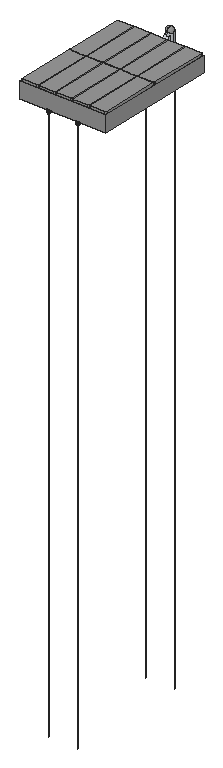
Revit family "62172", category Lighting Fixtures, host Face, Revit 2018
Family settings
  Host = Face
  Round Connector Dimension = Use Diameter
  Part Type = Normal
  OmniClass Number = 23.80.70.00
  OmniClass Title = Lighting
  Cut with Voids When Loaded = No
  Light Source = Yes
  Shared = No
  Room Calculation Point = No
Parameters (values of type "0062172 KUBIXX 4000K 47KLM AISLE  SSA N")
  Weight = "n/a"
  Wattage Comments = ""
  Wattage = 9.2903 W
  WarrantyStartDate [instance] = "n/a"
  WarrantyGuarantorParts = "n/a"
  WarrantyDurationUnit = "n/a"
  WarrantyDurationParts = ""
  WarrantyDescription = "http://www.sylvania-lighting.com"
  built-in parameter 1150110 = 1 (stored number, unit not read)
  Voltage = 0 V
  URL = "0"
  TypeName = "KubiXx 4000K 47KLM AISLE  SSA N"
  Type Image = <None>
  Type Comments = "n/a"
  Total length = 760.213 mm
  built-in parameter 1114217 = 1 (stored number, unit not read)
  Total Length = 731.899 mm
  Tilt Angle = -90.00°
  built-in parameter 1150109 = 1 (stored number, unit not read)
  built-in parameter 1150134 = 3
  Suspension height = 3000 mm
  built-in parameter 1150113 = 1 (stored number, unit not read)
  SerialNumber [instance] = "n/a"
  Photometric Web File = "0062172.IES"
  Material_3_SYL = none
  PowerFactor = 0
  PowerConsumption = "Lighting"
  NominalLength = 460 mm
  NominalHeight = 94 mm
  NominalDepth = 650 mm
  Name = "KubiXx 4000K 47KLM AISLE  SSA N"
  ModelReference = Name  # "KubiXx 4000K 47KLM AISLE  SSA N"
  ModelNumber = "0062172"
  Model = Name  # "KubiXx 4000K 47KLM AISLE  SSA N"
  Material = "Feilo Sylvania"
  ManufacturerName = "175 lm/W"
  Manufacturer = ""
  LuminousEfficacy = ""
  built-in parameter 1150105 = 109.82 (stored number, unit not read)
  Lumens = 1380 lm
  LuminaireType = "0"
  built-in parameter 1150115 = 1 (stored number, unit not read)
  LightOutputRatio = "LED"
  built-in parameter 1150137 = (empty or 0)
  built-in parameter 1150139 = (empty or 0)
  LampsType = Lamp  # "n/a"
  LampNominalLuminous = "4000 K"
  LampMacAdamStep = "80"
  LampColourTemperature = "LED"
  LampColourRenderingIndex = "16500"
  built-in parameter 1150112 = 1 (stored number, unit not read)
  built-in parameter 1150114 = 1 (stored number, unit not read)
  Lamp = "n/a"
  Keynote = "n/a"
  InstallationDate [instance] = "n/a"
  InputVoltage = "0"
  InputNominalFrequency = "4000"
  built-in parameter 1150132 = (empty or 0)
  built-in parameter 1150102 = (empty or 0)
  built-in parameter 1150107 = 3200 (stored number, unit not read)
  built-in parameter 1150138 = (empty or 0)
  IngressProtection = "IfcLightFixtureType"
  ImpactProtectionIndex = "IfcLightFixtureType"
  built-in parameter 1150106 = 1.0982 (stored number, unit not read)
  IfcExportType = "IfcLightFixtureType"
  IfcExportAs = "Class I"
  Emit from Circle Diameter = 609.6 mm
  Emit Shape Visible in Rendering = no
  ElectricShockClassification = "175"
  built-in parameter 1150104 = 13.8 (stored number, unit not read)
  DocumentationLiterature = "http://www.sylvania-lighting.com/product/en-int/products/0062172"
  DimmingControlOptions = "n/a"
  Material_2_SYL = none
  Dimming Lamp Color Temperature Shift = <None>
  Description = "Logistics and Industry high bay luminaire with wide optics to provide homogenous light distribution for open space areas. 48300lumens, 276W, 175lm/W, 4000K, CRI80, wide beam optic, SylSmart SSA dimmable, 3 step MacAdam ellipse, grey finish (RAL7012), Class 1, 220-240V, IP65, IK06."
  Default Elevation = 1219.2 mm
  CreatedOn = "09/11/2023"
  CreatedBy = "@sylvania-lighting.com"
  Cost = 0
  Color Filter = 16777215
  built-in parameter 1114216 [instance] = (empty or 0)
  ClassificationValue = "EF_70_80"
  ClassificationName = "Uniclass2015"
  Material_1_SYL = none
  BarCode [instance] = "n/a"
  built-in parameter 1114218 = 1 (stored number, unit not read)
  built-in parameter 1150133 = 10 (stored number, unit not read)
  AssetType = "Fixed"
  AssetIdentifier [instance] = "n/a"
  Assembly Code = "D5020200"
  Apparent Load = 276 VA
  Material_4_SYL = none
Reference planes
  plane 1 "Center (Front/Back)": y = 0
  plane 2: z = 0
  plane 3 "Center (Left/Right)": x = 0
  plane 4: x = -230
  plane 5: x = 230
  plane 6: y = 325
  plane 7: y = -325
  plane 8: x = -180.6
  plane 9: y = 160
  plane 10: y = -160
  plane 11: x = -93.6
  plane 12: x = -89.2
  plane 13: x = -2.2
  plane 14: x = 2.2
  plane 15: x = 89.2
  plane 16: x = 93.6
  plane 17: x = 180.6
  plane 18: x = 77.2
  plane 19: x = -77.2
  plane 20: x = -87.2
  plane 21: x = -67.2
  plane 22: z = -18
  plane 23: y = 162
  plane 24: z = -8
  plane 25: y = -162
  plane 26: z = 3094
  plane 27: z = 3094
  plane 28: y = 163.5
  plane 29: z = 3000
  plane 30: z = 2982
  plane 31: x = -225.6
  plane 32: x = 225.6
  plane 33: x = 138.6
  plane 34: x = -138.6
  plane 35: x = 134.2
  plane 36: x = -134.2
  plane 37: x = 47.2
  plane 38: x = -47.2
  plane 39: x = 42.795
  plane 40: x = -42.778
  plane 41: y = 320.6
  plane 42: y = -320.6
  plane 43: y = 321
  plane 44: y = 1
  plane 45: y = -1
  plane 46: y = 406.899
Forms (mm)
  Extrusion 1, solid, material "Aluminum", detail levels medium+fine
    sketch origin (0, 0, 0) x (1, 0, 0) y (0, 1, 0)
      loop
        line (-230, 325) -> (-230, -325) -> (230, -325) -> (230, 325) -> (-230, 325)
    from 3000 to 3083
  Extrusion 2, solid, material "Acetal Resin, White", detail levels medium+fine
    sketch origin (0, 160.6, 0) x (1, 0, 0) y (0, 1, 0)
      loop
        arc (-220.65, 160) -> (-224.185, 158.536) -> (-225.65, 155) r 5
        line (-225.65, 155) -> (-225.65, -154.6)
        arc (-225.65, -154.6) -> (-224.185, -158.136) -> (-220.65, -159.6) r 5
        line (-220.65, -159.6) -> (-143.629, -159.6)
        arc (-143.629, -159.6) -> (-140.094, -158.136) -> (-138.629, -154.6) r 5
        line (-138.629, -154.6) -> (-138.629, 155)
        arc (-138.629, 155) -> (-140.094, 158.536) -> (-143.629, 160) r 5
        line (-143.629, 160) -> (-220.65, 160)
    from 3083 to 3094
  Extrusion 3, solid, material "Acetal Resin, White", detail levels medium+fine
    sketch origin (91.4, 160.6, 0) x (1, 0, 0) y (0, 1, 0)
      loop
        arc (-220.89, 160) -> (-224.425, 158.536) -> (-225.89, 155) r 5
        line (-225.89, 155) -> (-225.89, -154.6)
        arc (-225.89, -154.6) -> (-224.425, -158.136) -> (-220.89, -159.6) r 5
        line (-220.89, -159.6) -> (-143.578, -159.6)
        arc (-143.578, -159.6) -> (-140.042, -158.136) -> (-138.578, -154.6) r 5
        line (-138.578, -154.6) -> (-138.578, 155)
        arc (-138.578, 155) -> (-140.042, 158.536) -> (-143.578, 160) r 5
        line (-143.578, 160) -> (-220.89, 160)
    from 3083 to 3094
  Extrusion 4, solid, material "Acetal Resin, White", detail levels medium+fine
    sketch origin (182.8, 160.6, 0) x (1, 0, 0) y (0, 1, 0)
      loop
        arc (-130.605, 160) -> (-134.141, 158.536) -> (-135.605, 155) r 5
        line (-135.605, 155) -> (-135.605, -154.6)
        arc (-135.605, -154.6) -> (-134.141, -158.136) -> (-130.605, -159.6) r 5
        line (-130.605, -159.6) -> (-53.412, -159.6)
        arc (-53.412, -159.6) -> (-49.876, -158.136) -> (-48.412, -154.6) r 5
        line (-48.412, -154.6) -> (-48.412, 155)
        arc (-48.412, 155) -> (-49.876, 158.536) -> (-53.412, 160) r 5
        line (-53.412, 160) -> (-130.605, 160)
    from 3083 to 3094
  Extrusion 5, solid, material "Acetal Resin, White", detail levels medium+fine
    sketch origin (274.2, 160.6, 0) x (1, 0, 0) y (0, 1, 0)
      loop
        arc (-130.583, 160) -> (-134.119, 158.536) -> (-135.583, 155) r 5
        line (-135.583, 155) -> (-135.583, -154.6)
        arc (-135.583, -154.6) -> (-134.119, -158.136) -> (-130.583, -159.6) r 5
        line (-130.583, -159.6) -> (-53.71, -159.6)
        arc (-53.71, -159.6) -> (-50.175, -158.136) -> (-48.71, -154.6) r 5
        line (-48.71, -154.6) -> (-48.71, 155)
        arc (-48.71, 155) -> (-50.175, 158.536) -> (-53.71, 160) r 5
        line (-53.71, 160) -> (-130.583, 160)
    from 3083 to 3094
  Extrusion 6, solid, material "Aluminum", detail levels fine
    sketch origin (0, 0, 2992) x (1, 0, 0) y (0, 0, 1)
      loop
        line (-87.2, 8) -> (-87.2, 0)
        arc (-87.2, 0) -> (-84.271, -7.071) -> (-77.2, -10) r 10
        arc (-77.2, -10) -> (-70.129, -7.071) -> (-67.2, 0) r 10
        line (-67.2, 0) -> (-67.2, 8) -> (-87.2, 8)
    from -325 to -322
  Extrusion 7, void
    sketch origin (0.086, 0, 2990.692) x (1, 0, 0) y (0, 0, 1)
      loop
        circle (-77.2, 0) r 3
    from -350.589 to 380.147
  Extrusion 8, solid, material "Aluminum", detail levels fine
    sketch origin (154.4, 0, 2992) x (1, 0, 0) y (0, 0, 1)
      loop
        line (-87.2, 8) -> (-87.2, 0)
        arc (-87.2, 0) -> (-84.271, -7.071) -> (-77.2, -10) r 10
        arc (-77.2, -10) -> (-70.129, -7.071) -> (-67.2, 0) r 10
        line (-67.2, 0) -> (-67.2, 8) -> (-87.2, 8)
    from -325 to -322
  Extrusion 9, void
    sketch origin (154.475, 0, 2991.254) x (1, 0, 0) y (0, 0, 1)
      loop
        circle (-77.2, 0) r 3
    from -394.188 to 347.516
  Extrusion 10, solid, material "Aluminum", detail levels fine
    sketch origin (0, 0, 2992) x (1, 0, 0) y (0, 0, 1)
      loop
        line (-87.2, 8) -> (-87.2, 0)
        arc (-87.2, 0) -> (-84.271, -7.071) -> (-77.2, -10) r 10
        arc (-77.2, -10) -> (-70.129, -7.071) -> (-67.2, 0) r 10
        line (-67.2, 0) -> (-67.2, 8) -> (-87.2, 8)
    from 325 to 322
  Extrusion 11, solid, material "Aluminum", detail levels fine
    sketch origin (153.445, 0, 2992) x (1, 0, 0) y (0, 0, 1)
      loop
        line (-86.235, 8) -> (-86.235, 0.111)
        arc (-86.235, 0.111) -> (-83.306, -6.96) -> (-76.235, -9.889) r 10
        arc (-76.235, -9.889) -> (-69.163, -6.96) -> (-66.235, 0.111) r 10
        line (-66.235, 0.111) -> (-66.235, 8) -> (-86.235, 8)
    from 325 to 322
  Extrusion 12, solid, material "Stainless Steel"
    sketch origin (-0.029, 159.919, 0) x (1, 0, 0) y (0, 1, 0)
      loop
        circle (-77.2, 163.5) r 1
    from 0 to 3000
  Extrusion 13, solid, material "Stainless Steel"
    sketch origin (154.4, 159.993, 0) x (1, 0, 0) y (0, 1, 0)
      loop
        circle (-77.2, 163.5) r 1
    from 0 to 3000
  Extrusion 14, solid, material "Stainless Steel"
    sketch origin (0, -327, 0) x (1, 0, 0) y (0, 1, 0)
      loop
        circle (-77.2, 3.5) r 1
    from 0 to 3000
  Extrusion 15, solid, material "Stainless Steel"
    sketch origin (154.386, -327.05, 0) x (1, 0, 0) y (0, 1, 0)
      loop
        circle (-77.2, 3.5) r 1
    from 0 to 3000
  Extrusion 16, solid, detail levels coarse
    sketch origin (0, 0, 0) x (1, 0, 0) y (0, 0, 1)
      loop
        line (-230, 3094) -> (-230, 0) -> (230, 0) -> (230, 3094) -> (-230, 3094)
    from -406.899 to 325
  Extrusion 17, solid, material "Acetal Resin, White", detail levels medium+fine
    sketch origin (181.395, 160.6, 0) x (1, 0, 0) y (0, 1, 0)
      loop
        arc (-219.21, 160) -> (-222.746, 158.536) -> (-224.21, 155) r 5
        line (-224.21, 155) -> (-224.21, -154.6)
        arc (-224.21, -154.6) -> (-222.746, -158.136) -> (-219.21, -159.6) r 5
        line (-219.21, -159.6) -> (-143.578, -159.6)
        arc (-143.578, -159.6) -> (-140.042, -158.136) -> (-138.578, -154.6) r 5
        line (-138.578, -154.6) -> (-138.578, 155)
        arc (-138.578, 155) -> (-140.042, 158.536) -> (-143.578, 160) r 5
        line (-143.578, 160) -> (-219.21, 160)
    from 3083 to 3094
  Extrusion 18, solid, material "Acetal Resin, White", detail levels medium+fine
    sketch origin (0, -160.6, 0) x (1, 0, 0) y (0, 1, 0)
      loop
        arc (-220.65, 159.6) -> (-224.185, 158.136) -> (-225.65, 154.6) r 5
        line (-225.65, 154.6) -> (-225.65, -155)
        arc (-225.65, -155) -> (-224.185, -158.536) -> (-220.65, -160) r 5
        line (-220.65, -160) -> (-143.629, -160)
        arc (-143.629, -160) -> (-140.094, -158.536) -> (-138.629, -155) r 5
        line (-138.629, -155) -> (-138.629, 154.6)
        arc (-138.629, 154.6) -> (-140.094, 158.136) -> (-143.629, 159.6) r 5
        line (-143.629, 159.6) -> (-220.65, 159.6)
    from 3083 to 3094
  Extrusion 19, solid, material "Acetal Resin, White", detail levels medium+fine
    sketch origin (91.4, -160.6, 0) x (1, 0, 0) y (0, 1, 0)
      loop
        arc (-220.89, 159.6) -> (-224.425, 158.136) -> (-225.89, 154.6) r 5
        line (-225.89, 154.6) -> (-225.89, -155)
        arc (-225.89, -155) -> (-224.425, -158.536) -> (-220.89, -160) r 5
        line (-220.89, -160) -> (-143.578, -160)
        arc (-143.578, -160) -> (-140.042, -158.536) -> (-138.578, -155) r 5
        line (-138.578, -155) -> (-138.578, 154.6)
        arc (-138.578, 154.6) -> (-140.042, 158.136) -> (-143.578, 159.6) r 5
        line (-143.578, 159.6) -> (-220.89, 159.6)
    from 3083 to 3094
  Extrusion 20, solid, material "Acetal Resin, White", detail levels medium+fine
    sketch origin (182.8, -160.6, 0) x (1, 0, 0) y (0, 1, 0)
      loop
        arc (-130.605, 159.6) -> (-134.141, 158.136) -> (-135.605, 154.6) r 5
        line (-135.605, 154.6) -> (-135.605, -155)
        arc (-135.605, -155) -> (-134.141, -158.536) -> (-130.605, -160) r 5
        line (-130.605, -160) -> (-53.412, -160)
        arc (-53.412, -160) -> (-49.876, -158.536) -> (-48.412, -155) r 5
        line (-48.412, -155) -> (-48.412, 154.6)
        arc (-48.412, 154.6) -> (-49.876, 158.136) -> (-53.412, 159.6) r 5
        line (-53.412, 159.6) -> (-130.605, 159.6)
    from 3083 to 3094
  Extrusion 21, solid, material "Acetal Resin, White", detail levels medium+fine
    sketch origin (274.2, -160.6, 0) x (1, 0, 0) y (0, 1, 0)
      loop
        arc (-130.583, 159.6) -> (-134.119, 158.136) -> (-135.583, 154.6) r 5
        line (-135.583, 154.6) -> (-135.583, -155)
        arc (-135.583, -155) -> (-134.119, -158.536) -> (-130.583, -160) r 5
        line (-130.583, -160) -> (-53.71, -160)
        arc (-53.71, -160) -> (-50.175, -158.536) -> (-48.71, -155) r 5
        line (-48.71, -155) -> (-48.71, 154.6)
        arc (-48.71, 154.6) -> (-50.175, 158.136) -> (-53.71, 159.6) r 5
        line (-53.71, 159.6) -> (-130.583, 159.6)
    from 3083 to 3094
  Extrusion 22, solid, material "Acetal Resin, White", detail levels medium+fine
    sketch origin (181.395, -160.6, 0) x (1, 0, 0) y (0, 1, 0)
      loop
        arc (-219.21, 159.6) -> (-222.746, 158.136) -> (-224.21, 154.6) r 5
        line (-224.21, 154.6) -> (-224.21, -155)
        arc (-224.21, -155) -> (-222.746, -158.536) -> (-219.21, -160) r 5
        line (-219.21, -160) -> (-143.578, -160)
        arc (-143.578, -160) -> (-140.042, -158.536) -> (-138.578, -155) r 5
        line (-138.578, -155) -> (-138.578, 154.6)
        arc (-138.578, 154.6) -> (-140.042, 158.136) -> (-143.578, 159.6) r 5
        line (-143.578, 159.6) -> (-219.21, 159.6)
    from 3083 to 3094
  Blend 23, solid
    base sketch origin (0, 159.8, -0.419) x (1, 0, 0) y (0, 1, 0)
      loop
        circle (0, 228) r 19
    top sketch origin (0, 159.8, -0.419) x (1, 0, 0) y (0, 1, 0)
      loop
        circle (0, 228) r 19
    from 3039 to 3094
  Revolve 24, solid, material "Acetal Resin, White"
    sketch origin (-0.021, 1683.8, 1218.818) x (0, 1, 0) y (0, 0, 1)
      loop
        line (-1296, 1874.8) -> (-1277, 1874.8)
        arc (-1277, 1874.8) -> (-1282.5, 1888.6) -> (-1296, 1894.8) r 20
        line (-1296, 1894.8) -> (-1296, 1874.8)
      axis (-1296, 1894.8) -> (-1296, 1874.8)
    angle from 179.389 to 539.028
  Extrusion 25, solid
    sketch origin (0, 159.8, -0.419) x (1, 0, 0) y (0, 1, 0)
      loop
        line (-13.5, 214.609) -> (-13.5, 165) -> (13.5, 165) -> (13.5, 214.609) -> (-13.5, 214.609)
    from 3039 to 3083
  Extrusion 26, void
    sketch origin (319, 1683.8, 1218.781) x (0, 1, 0) y (0, 0, 1)
      loop
        line (-1309.391, 1863.8) -> (-1359, 1863.8) -> (-1359, 1843.8) -> (-1333.226, 1843.8) -> (-1309.391, 1863.8)
    from -343.775 to -294
  Blend 27, solid, not visible
    base sketch origin (0, 0, 0) x (1, 0, 0) y (0, 1, 0)
      loop
        circle (0, 228) r 19
    top sketch origin (0, 0, 0) x (1, 0, 0) y (0, 1, 0)
      loop
        circle (0, 228) r 19
    from 3039 to 3094
  Revolve 28, solid, material "Acetal Resin, White", not visible
    sketch origin (-0.021, 1524, 1219.237) x (0, 1, 0) y (0, 0, 1)
      loop
        line (-1296, 1874.8) -> (-1277, 1874.8)
        arc (-1277, 1874.8) -> (-1282.5, 1888.6) -> (-1296, 1894.8) r 20
        line (-1296, 1894.8) -> (-1296, 1874.8)
      axis (-1296, 1894.8) -> (-1296, 1874.8)
    angle from 179.389 to 539.028
  Extrusion 29, solid, not visible
    sketch origin (0, 0, 0) x (1, 0, 0) y (0, 1, 0)
      loop
        line (-13.5, 214.609) -> (-13.5, 165) -> (13.5, 165) -> (13.5, 214.609) -> (-13.5, 214.609)
    from 3039 to 3083
  Extrusion 30, void, not visible
    sketch origin (319, 1524, 1219.2) x (0, 1, 0) y (0, 0, 1)
      loop
        line (-1309.391, 1863.8) -> (-1359, 1863.8) -> (-1359, 1843.8) -> (-1333.226, 1843.8) -> (-1309.391, 1863.8)
    from -343.775 to -294
Cuts and joins
  Extrusion 7 cuts Extrusion 6
  Extrusion 7 cuts Extrusion 10
  Extrusion 9 cuts Extrusion 8
  Extrusion 9 cuts Extrusion 11
  Extrusion 26 cuts Extrusion 25
Dimensions and locks
  "NominalLength": plane 4 to plane 5
  equal spacing: plane 4, plane 3 "Center (Left/Right)", plane 5
  "NominalDepth": plane 6 to plane 7
  equal spacing: plane 6, plane 1 "Center (Front/Back)", plane 7
  Extrusion 4 to plane 3 "Center (Left/Right)" = 47.195 mm
  plane 3 "Center (Left/Right)" to Extrusion 3 = 134.49 mm
  "Suspension height": level to plane 29
  plane 27 to plane 26 = 0 mm
  "NominalHeight": plane 29 to plane 27
  plane 15 to Extrusion 8 = 22 mm
  "Total Length": plane 46 to plane 7
  aligned and locked: plane 2 to host face
  aligned and locked: level to host face
Automatic sketch dimensions
  host sketch curve to host sketch curve = 2438.4 mm  (x2)
  Extrusion 1 sketch curve to plane 4 = 0 mm
  Extrusion 1 sketch curve to plane 5 = 0 mm
  Extrusion 1 sketch curve to plane 7 = 0 mm
  Extrusion 1 sketch curve to plane 6 = 0 mm
  Extrusion 2 sketch curve to plane 41 = 0 mm
  Extrusion 2 sketch curve to plane 31 = 0.05 mm
  Extrusion 2 sketch curve to plane 1 "Center (Front/Back)" = 1 mm
  plane 31 to Extrusion 2 sketch curve = 4.95 mm  (x2)
  plane 34 to Extrusion 2 sketch curve = 5.029 mm  (x2)
  plane 34 to Extrusion 2 sketch curve = 0.029 mm
  Extrusion 3 sketch curve to plane 41 = 0 mm
  plane 36 to Extrusion 3 sketch curve = 0.29 mm
  Extrusion 3 sketch curve to plane 1 "Center (Front/Back)" = 1 mm
  Extrusion 3 sketch curve to plane 36 = 4.71 mm  (x2)
  plane 38 to Extrusion 3 sketch curve = 4.978 mm  (x2)
  Extrusion 3 sketch curve to plane 38 = 0.022 mm
  Extrusion 4 sketch curve to plane 41 = 0 mm
  plane 37 to Extrusion 4 sketch curve = 0.005 mm
  Extrusion 4 sketch curve to plane 1 "Center (Front/Back)" = 1 mm
  Extrusion 4 sketch curve to plane 37 = 4.995 mm  (x2)
  plane 35 to Extrusion 4 sketch curve = 4.812 mm  (x2)
  Extrusion 4 sketch curve to plane 35 = 0.188 mm
  Extrusion 5 sketch curve to plane 41 = 0 mm
  Extrusion 5 sketch curve to plane 33 = 0.017 mm
  Extrusion 5 sketch curve to plane 1 "Center (Front/Back)" = 1 mm
  Extrusion 5 sketch curve to plane 33 = 5.017 mm  (x2)
  Extrusion 5 sketch curve to plane 32 = 5.11 mm  (x2)
  Extrusion 5 sketch curve to plane 32 = 0.11 mm
  Extrusion 6 sketch curve to Extrusion 6 sketch curve = 0 mm  (x2)
  Extrusion 6 sketch curve to plane 20 = 0 mm
  Extrusion 6 sketch curve to plane 19 = 0 mm
  Extrusion 6 sketch curve to plane 30 = 0 mm
  Extrusion 6 sketch curve to plane 29 = 0 mm
  plane 19 to Extrusion 7 sketch curve = 0.086 mm
  plane 30 to Extrusion 7 sketch curve = 8.692 mm
  Extrusion 8 sketch curve to Extrusion 8 sketch curve = 0 mm  (x2)
  Extrusion 8 sketch curve to plane 29 = 0 mm
  Extrusion 8 sketch curve to plane 18 = 0 mm
  Extrusion 8 sketch curve to plane 30 = 0 mm
  Extrusion 8 sketch curve to plane 18 = 10 mm
  plane 18 to Extrusion 9 sketch curve = 0.075 mm
  Extrusion 9 sketch curve to plane 29 = 8.746 mm
  Extrusion 10 sketch curve to Extrusion 10 sketch curve = 0 mm  (x2)
  Extrusion 10 sketch curve to plane 20 = 0 mm
  Extrusion 10 sketch curve to plane 19 = 0 mm
  Extrusion 10 sketch curve to plane 30 = 0 mm
  Extrusion 10 sketch curve to plane 29 = 0 mm
  Extrusion 11 sketch curve to Extrusion 11 sketch curve = 0 mm  (x2)
  Extrusion 11 sketch curve to plane 29 = 0 mm
  Extrusion 11 sketch curve to plane 18 = 9.989 mm
  plane 18 to Extrusion 11 sketch curve = 0.011 mm
  Extrusion 11 sketch curve to Extrusion 11 sketch curve = 7.889 mm
  Extrusion 12 sketch curve to plane 19 = 0.029 mm
  Extrusion 12 sketch curve to plane 6 = 1.581 mm
  Extrusion 13 sketch curve to plane 18 = 0 mm
  Extrusion 13 sketch curve to plane 6 = 1.507 mm
  Extrusion 14 sketch curve to plane 19 = 0 mm
  plane 7 to Extrusion 14 sketch curve = 1.5 mm
  Extrusion 15 sketch curve to plane 18 = 0.014 mm
  plane 7 to Extrusion 15 sketch curve = 1.45 mm
  Extrusion 16 sketch curve to level = 0 mm
  Extrusion 16 sketch curve to plane 4 = 0 mm
  Extrusion 16 sketch curve to plane 5 = 0 mm
  Extrusion 16 sketch curve to plane 27 = 0 mm
  Extrusion 17 sketch curve to plane 41 = 0 mm
  plane 40 to Extrusion 17 sketch curve = 0.038 mm
  Extrusion 17 sketch curve to plane 1 "Center (Front/Back)" = 1 mm
  Extrusion 17 sketch curve to plane 40 = 4.962 mm  (x2)
  plane 39 to Extrusion 17 sketch curve = 4.978 mm  (x2)
  Extrusion 17 sketch curve to plane 39 = 0.022 mm
  Extrusion 18 sketch curve to plane 42 = 0 mm
  Extrusion 18 sketch curve to plane 31 = 0.05 mm
  plane 31 to Extrusion 18 sketch curve = 4.95 mm  (x2)
  plane 1 "Center (Front/Back)" to Extrusion 18 sketch curve = 1 mm
  plane 34 to Extrusion 18 sketch curve = 5.029 mm  (x2)
  plane 34 to Extrusion 18 sketch curve = 0.029 mm
  Extrusion 19 sketch curve to plane 42 = 0 mm
  plane 36 to Extrusion 19 sketch curve = 0.29 mm
  Extrusion 19 sketch curve to plane 36 = 4.71 mm  (x2)
  plane 1 "Center (Front/Back)" to Extrusion 19 sketch curve = 1 mm
  plane 38 to Extrusion 19 sketch curve = 4.978 mm  (x2)
  Extrusion 19 sketch curve to plane 38 = 0.022 mm
  Extrusion 20 sketch curve to plane 42 = 0 mm
  plane 37 to Extrusion 20 sketch curve = 0.005 mm
  Extrusion 20 sketch curve to plane 37 = 4.995 mm  (x2)
  plane 1 "Center (Front/Back)" to Extrusion 20 sketch curve = 1 mm
  plane 35 to Extrusion 20 sketch curve = 4.812 mm  (x2)
  Extrusion 20 sketch curve to plane 35 = 0.188 mm
  Extrusion 21 sketch curve to plane 42 = 0 mm
  Extrusion 21 sketch curve to plane 33 = 0.017 mm
  Extrusion 21 sketch curve to plane 33 = 5.017 mm  (x2)
  plane 1 "Center (Front/Back)" to Extrusion 21 sketch curve = 1 mm
  Extrusion 21 sketch curve to plane 32 = 5.11 mm  (x2)
  Extrusion 21 sketch curve to plane 32 = 0.11 mm
  Extrusion 22 sketch curve to plane 42 = 0 mm
  plane 40 to Extrusion 22 sketch curve = 0.038 mm
  Extrusion 22 sketch curve to plane 40 = 4.962 mm  (x2)
  plane 1 "Center (Front/Back)" to Extrusion 22 sketch curve = 1 mm
  plane 39 to Extrusion 22 sketch curve = 4.978 mm  (x2)
  Extrusion 22 sketch curve to plane 39 = 0.022 mm
  Revolve 24 sketch curve to Revolve 24 sketch curve = 1 mm
  Revolve 24 sketch curve to Revolve 24 sketch curve = 19 mm
  Revolve 24 sketch curve to Revolve 24 sketch curve = 0.025 mm
  Revolve 24 sketch curve to Revolve 24 sketch curve = 0 mm
  Revolve 24 sketch curve to Revolve 24 sketch curve = 8.022 mm
  Revolve 24 sketch curve to Revolve 24 sketch curve = 11.978 mm
  Extrusion 25 sketch curve to Extrusion 25 sketch curve = 27 mm
  Extrusion 25 sketch curve to Extrusion 25 sketch curve = 49.609 mm
  Extrusion 26 sketch curve to Extrusion 26 sketch curve = 25.774 mm
  Extrusion 26 sketch curve to Extrusion 26 sketch curve = 23.835 mm
  Extrusion 26 sketch curve to Extrusion 26 sketch curve = 20 mm
  Revolve 28 sketch curve to Revolve 28 sketch curve = 1 mm
  Revolve 28 sketch curve to Revolve 28 sketch curve = 19 mm
  Revolve 28 sketch curve to Revolve 28 sketch curve = 0.025 mm
  Revolve 28 sketch curve to Revolve 28 sketch curve = 0 mm
  Revolve 28 sketch curve to Revolve 28 sketch curve = 8.022 mm
  Revolve 28 sketch curve to Revolve 28 sketch curve = 11.978 mm
  Extrusion 29 sketch curve to Extrusion 29 sketch curve = 27 mm
  Extrusion 29 sketch curve to Extrusion 29 sketch curve = 49.609 mm
  Extrusion 30 sketch curve to Extrusion 30 sketch curve = 25.774 mm
  Extrusion 30 sketch curve to Extrusion 30 sketch curve = 23.835 mm
  Extrusion 30 sketch curve to Extrusion 30 sketch curve = 20 mm
  Blend 23 sketch curve to plane 3 "Center (Left/Right)" = 0 mm  (x2)
  Blend 23 sketch curve to plane 46 = 19.099 mm  (x2)
  Revolve 24 sketch curve to plane 26 = 0.357 mm
  Revolve 24 sketch curve to plane 46 = 20.099 mm
  Extrusion 25 sketch curve to plane 6 = 0.2 mm
  Extrusion 25 sketch curve to plane 13 = 11.3 mm
  Extrusion 26 sketch curve to plane 6 = 0.2 mm
  Extrusion 26 sketch curve to plane 26 = 31.419 mm
  radius of Extrusion 7 sketch curve = 3 mm
  radius of Extrusion 9 sketch curve = 3 mm
  radius of Extrusion 12 sketch curve = 1 mm
  radius of Extrusion 13 sketch curve = 1 mm
  radius of Extrusion 14 sketch curve = 1 mm
  radius of Extrusion 15 sketch curve = 1 mm
  radius of Blend 23 sketch curve = 19 mm  (x2)
  radius of Blend 27 sketch curve = 19 mm  (x2)
Connectors
  electrical at (0, 0, 3000)
    settings: on Extrusion 1, index 1, voltage 0 V, apparent load 0 VA, apparent load phase1 0 VA, apparent load phase2 0 VA, apparent load phase3 0 VA, power factor 1, load classification "Other", number of poles 1, system type 31, power factor state 1, is connector primary yes, connector utility no, sub classification motor no, connector description ""
